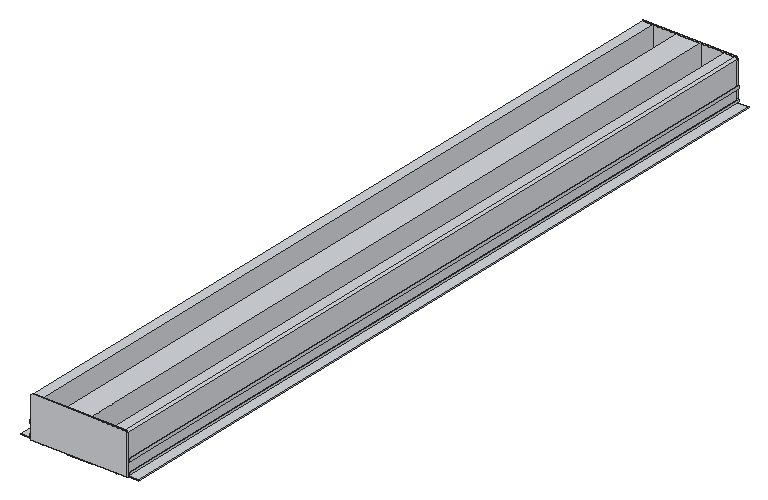
Revit family
Parameters
  URL = "http://www.anemostat.com/"
  Model = "FFBF-150"
  Manufacturer = "Anemostat"
  Length User Defined = 48"
  Duct Width = 6 5/16"
  Duct Length = Length User Defined + 1/4"  # 48 1/4"
  C = 7 1/2"
Reference planes (in)
  plane 1 "Center (Front/Back)": y = 0
  plane 2: z = 0
  plane 3 "Center (Left/Right)": x = 0
  plane 4: x = -3.75
  plane 5: x = 3.75
  plane 6 "Length": y = -48
  plane 7: y = -24
Forms (in)
  Extrusion 1, solid
    sketch origin (0, 0, -0.13) x (1, 0, 0) y (0, 0, 1)
      loop
        line (-2.925, 2.683) -> (-3.03672, 2.57128) -> (-3.03672, 1.09808) -> (-3.14472, 1.09808) -> (-3.14472, 0.97408) -> (-3.10672, 0.97408) -> (-3.10672, 1.03608) -> (-3.03672, 1.03608) -> (-3.03672, 0.28108) -> (-3.10672, 0.28108) -> (-3.10672, 0.34308) -> (-3.14472, 0.34308) -> (-3.14472, 0.21908) -> (-3.03672, 0.21908) -> (-3.03672, 0.13) -> (-3.75, 0.13) -> (-3.75, 0.099) -> (-2.312, 0.05) -> (-2.312, 0) -> (2.31016, 0) -> (2.31016, 0.07499) -> (3.75, 0.099) -> (3.75, 0.13) -> (3.03672, 0.13) -> (3.03672, 0.21908) -> (3.14472, 0.21908) -> (3.14472, 0.34308) -> (3.10672, 0.34308) -> (3.10672, 0.28108) -> (3.03672, 0.28108) -> (3.03672, 1.03608) -> (3.10672, 1.03608) -> (3.10672, 0.97408) -> (3.14472, 0.97408) -> (3.14472, 1.09808) -> (3.03672, 1.09808) -> (3.03672, 2.57128) -> (2.925, 2.683) -> (-2.925, 2.683)
    from 0 to 48 <- "Length User Defined"
  Extrusion 2, solid
    sketch origin (0, 0, -0.13) x (1, 0, 0) y (0, 0, 1)
      loop
        line (-3.031, 0.0747) -> (3.03672, 0.0747) -> (3.03672, 2.57128) -> (2.925, 2.683) -> (-2.9225, 2.683) -> (-3.031, 2.5745) -> (-3.031, 0.0747)
    from 0 to -0.0625
  Extrusion 3, solid
    sketch origin (0, -48, -0.13) x (0, 0, 1) y (-1, 0, 0)
      loop
        line (0.0747, 3.031) -> (0.0747, -3.03672) -> (2.57128, -3.03672) -> (2.683, -2.925) -> (2.683, 2.9227) -> (2.5747, 3.031) -> (0.0747, 3.031)
    from 0 to 0.0625
  Extrusion 4, void
    sketch origin (0, 0, 0) x (1, 0, 0) y (0, 1, 0)
      loop
        line (0.75, 0) -> (0.75, -48) -> (2.25, -48) -> (2.25, 0) -> (0.75, 0)
      loop
        line (-0.75, 0) -> (-2.25, 0) -> (-2.25, -48) -> (-0.75, -48) -> (-0.75, 0)
    from -0.12891 to 2.55469
Cuts and joins
  Extrusion 4 cuts Extrusion 1
  Extrusion 4 cuts Extrusion 2
  Extrusion 4 cuts Extrusion 3
Dimensions and locks (in)
  equal spacing: plane 5, plane 3 "Center (Left/Right)", plane 4
  "C": plane 5 to plane 4
  "Length User Defined": plane 1 "Center (Front/Back)" to plane 6 "Length"
  equal spacing: plane 1 "Center (Front/Back)", plane 7, plane 6 "Length"
Automatic sketch dimensions
  Extrusion 1 sketch curve to plane 4 = 0"
  Extrusion 1 sketch curve to level = 0.13"
  Extrusion 1 sketch curve to plane 5 = 0"
  level to Extrusion 1 sketch curve = 0.08908"
  plane 4 to Extrusion 1 sketch curve = 0.60528"  (x2)
  Extrusion 1 sketch curve to Extrusion 1 sketch curve = 0.038"  (x4)
  Extrusion 1 sketch curve to Extrusion 1 sketch curve = 0.07"  (x3)
  Extrusion 1 sketch curve to Extrusion 1 sketch curve = 0"  (x3)
  Extrusion 1 sketch curve to Extrusion 1 sketch curve = 0.11172"  (x2)
  Extrusion 1 sketch curve to Extrusion 1 sketch curve = 0.72472"
  Extrusion 1 sketch curve to level = 0.05501"
  plane 3 "Center (Left/Right)" to Extrusion 1 sketch curve = 2.31016"
  Extrusion 1 sketch curve to plane 5 = 0.825"
  Extrusion 1 sketch curve to plane 5 = 0.71328"  (x2)
  level to Extrusion 1 sketch curve = 0"
  Extrusion 1 sketch curve to Extrusion 1 sketch curve = 0.05"
  Extrusion 1 sketch curve to level = 0.031"
  Extrusion 1 sketch curve to Extrusion 1 sketch curve = 0.031"
  Extrusion 1 sketch curve to Extrusion 1 sketch curve = 0.08908"  (x2)
  Extrusion 1 sketch curve to Extrusion 1 sketch curve = 0.062"  (x8)
  Extrusion 1 sketch curve to Extrusion 1 sketch curve = 0.631"  (x2)
  Extrusion 1 sketch curve to Extrusion 1 sketch curve = 1.4732"  (x2)
  Extrusion 2 sketch curve to level = 0.0553"
  plane 4 to Extrusion 2 sketch curve = 0.719"
  Extrusion 2 sketch curve to Extrusion 2 sketch curve = 0.1085"  (x2)
  Extrusion 2 sketch curve to plane 5 = 0.825"
  Extrusion 2 sketch curve to plane 5 = 0.71328"
  Extrusion 2 sketch curve to Extrusion 2 sketch curve = 2.49658"
  Extrusion 2 sketch curve to Extrusion 2 sketch curve = 2.4998"
  Extrusion 3 sketch curve to level = 0.0553"
  Extrusion 3 sketch curve to plane 5 = 0.71328"
  Extrusion 3 sketch curve to Extrusion 3 sketch curve = 2.49658"
  plane 4 to Extrusion 3 sketch curve = 0.719"
  Extrusion 3 sketch curve to Extrusion 3 sketch curve = 2 1/2"
  plane 4 to Extrusion 3 sketch curve = 0.8273"
  Extrusion 3 sketch curve to Extrusion 3 sketch curve = 0.1083"
  Extrusion 3 sketch curve to Extrusion 3 sketch curve = 0.11172"
  plane 6 "Length" to Extrusion 4 sketch curve = 0"  (x2)
  plane 1 "Center (Front/Back)" to Extrusion 4 sketch curve = 0"  (x2)
  plane 4 to Extrusion 4 sketch curve = 1 1/2"
  Extrusion 4 sketch curve to plane 3 "Center (Left/Right)" = 3/4"
  plane 3 "Center (Left/Right)" to Extrusion 4 sketch curve = 3/4"
  Extrusion 4 sketch curve to Extrusion 4 sketch curve = 1 1/2"
Connectors (in)
  hvac at (0, -24, 2.553), driven by "Duct Length", driven by "Duct Width"
    settings: on Extrusion 1, index 1
